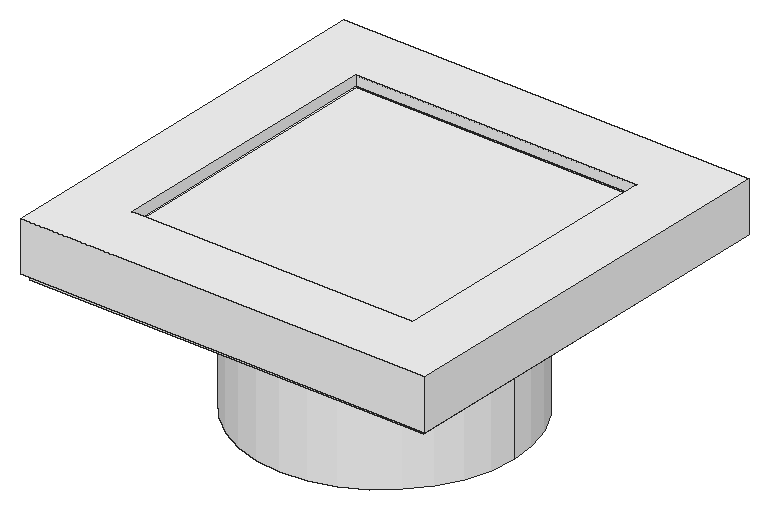
Revit family "Gira_228228", category Electrical Fixtures, host Face, Revit 2017
Family settings
  Host = Face
  Maintain Annotation Orientation = Yes
  Round Connector Dimension = Use Diameter
  Part Type = Normal
  Cut with Voids When Loaded = No
  Shared = No
  Room Calculation Point = No
Parameters (values of type "Lautsprecher UP-Radio RDS System 55 Anthrazit")
  Zusammenstellung = "Basiselement mit Gehäuse-Oberteil"
  White [instance] = White
  Werkstoffgüte = "sonstige"
  Werkstoff = "sonstige"
  URL = "http://katalog.gira.de/de_DE/datenblatt.html?artikelnr=228228"
  Region = "DE"
  Oberfläche = "sonstige"
  Name = "Lautsprecher UP-Radio RDS System 55 Anthrazit"
  Montageart = "unter Putz"
  Model = "Sys55_Komplettgerät_Schalten und Tasten"
  Manufacturer URL = "https://www.gira.de/"
  HeinzeBIM = "https://bimportal.heinze.de/bim/lautsprecher-up-radio-rds-system-55-anthrazit/cc8c72de72567c5c413a5b362e8890feb647162b"
  Halogenfrei = "No"
  HAN = "228228"
  GTIN = "4010337076261"
  Farbe = "anthrazit"
  Default Elevation = 1219.2 mm
  Data sheet (1) = "https://katalog.gira.de/de_DE/download.html?artikelnr=228228"
  Category = "Elektronik-Gerät für Installationsschalterprogramme"
  Befestigungsart = "Krallen-/Schraubbefestigung"
  Available = "Yes"
  Ausführung der Oberfläche = "glänzend"
  Ausführung = "Radio (*en-EN)"
Reference planes
  plane 1 "Center (Front/Back)": y = 0
  plane 2: z = 0
  plane 3 "Center (Left/Right)": x = 0
Forms (mm)
  Extrusion 1, solid, material "White" <- "White", detail levels medium
    sketch origin (0, 0, 0) x (1, 0, 0) y (0, 1, 0)
      loop
        line (-40.4, 40.4) -> (-40.4, -40.4) -> (40.4, -40.4) -> (40.4, 40.4) -> (-40.4, 40.4)
      loop
        line (-28, 28) -> (-28, -28) -> (28, -28) -> (28, 28) -> (-28, 28)
    from 0 to 10
  Extrusion 2, solid, material "White" <- "White", detail levels fine
    sketch origin (0, 0, 0) x (1, 0, 0) y (0, 1, 0)
      loop
        line (-40.4, 40.4) -> (-40.4, -40.4) -> (40.4, -40.4) -> (40.4, 40.4) -> (-40.4, 40.4)
      loop
        line (-28, 28) -> (-28, -28) -> (28, -28) -> (28, 28) -> (-28, 28)
    from 0 to 10
  Extrusion 3, void
    sketch origin (0, 0, 0) x (1, 0, 0) y (0, 1, 0)
      loop
        line (-38.4, 38.4) -> (-38.4, -38.4) -> (38.4, -38.4) -> (38.4, 38.4) -> (-38.4, 38.4)
    from 0 to 8
  Extrusion 4, solid, material "White" <- "White", detail levels medium+fine
    sketch origin (0, 0, 0) x (1, 0, 0) y (0, 1, 0)
      loop
        line (-39.4, 39.4) -> (-39.4, -39.4) -> (39.4, -39.4) -> (39.4, 39.4) -> (-39.4, 39.4)
    from 0 to -1
  Extrusion 5, solid, material "White" <- "White", detail levels medium+fine
    sketch origin (0, 0, 0) x (1, 0, 0) y (0, 1, 0)
      loop
        line (-35.5, 35.5) -> (-35.5, -35.5) -> (35.5, -35.5) -> (35.5, 35.5) -> (-35.5, 35.5)
    from -2 to -3
  Extrusion 6, solid, material "White" <- "White", detail levels medium+fine
    sketch origin (0, 0, 0) x (1, 0, 0) y (0, 1, 0)
      loop
        circle (0, 0) r 26
    from 0 to -27.5
  Extrusion 7, solid, material "White" <- "White", detail levels coarse
    sketch origin (0, 0, 0) x (1, 0, 0) y (0, 1, 0)
      loop
        line (-40.4, 40.4) -> (-40.4, -40.4) -> (40.4, -40.4) -> (40.4, 40.4) -> (-40.4, 40.4)
    from -27.5 to 10
Cuts and joins
  Extrusion 3 cuts Extrusion 2
Dimensions and locks
  aligned and locked: plane 2 to host face
  aligned and locked: level to host face
  aligned and locked: plane 3 "Center (Left/Right)" to nested 2
  aligned and locked: plane 1 "Center (Front/Back)" to nested 2
Nested families
  nested 1: "Sys55_Abdeckung_Schalten und Tasten_floor_base" at (0, 0, 0), type "Sys55_Abdeckung_Schalten und Tasten_floor_base"
  nested 2: "Schalter" at (0, 0, 0), type "Schalter"
Connectors
  electrical at (0, 0, -27.5)
    settings: on Extrusion 6, index 1, voltage 220 V, apparent load 0 VA, apparent load phase1 0 VA, apparent load phase2 0 VA, apparent load phase3 0 VA, power factor 1, load classification "Other", number of poles 1, system type 30, power factor state 1, is connector primary yes, connector utility no, sub classification motor no, connector description ""
Definition of nested family "Sys55_Abdeckung_Schalten und Tasten_floor_base"
  Parameters
    Default Elevation = 1219.2 mm
    White [instance] = none
  Reference planes
    plane 1 "Center (Front/Back)": y = 0
    plane 2: z = 0
    plane 3 "Center (Left/Right)": x = 0
  Forms (mm)
    Extrusion 1, solid
      sketch origin (0, 0, 0) x (1, 0, 0) y (0, 1, 0)
        loop
          line (-1219.2, 1219.2) -> (-1219.2, -1219.2) -> (1219.2, -1219.2) -> (1219.2, 1219.2) -> (-1219.2, 1219.2)
      from 0 to -304.8
    Extrusion 2, solid, material <- "White", detail levels fine
      sketch origin (0, 0, 0) x (1, 0, 0) y (0, 1, 0)
        loop
          line (-27.5, 27.5) -> (-27.5, -27.5) -> (27.5, -27.5) -> (27.5, 27.5) -> (-27.5, 27.5)
      from 0 to 8
    Extrusion 3, void
      sketch origin (0, 0, 0) x (1, 0, 0) y (0, 1, 0)
        loop
          line (26, 26) -> (-26, 26) -> (-26, -26) -> (26, -26) -> (26, 26)
      from 0 to 6
    Extrusion 4, solid, material <- "White", detail levels medium
      sketch origin (0, 0, 0) x (1, 0, 0) y (0, 1, 0)
        loop
          line (-27.5, 27.5) -> (-27.5, -27.5) -> (27.5, -27.5) -> (27.5, 27.5) -> (-27.5, 27.5)
      from 0 to 8
    Extrusion 5, solid, material <- "White", detail levels medium
      sketch origin (0, 0, 0) x (1, 0, 0) y (0, 1, 0)
        loop
          line (11, -17.5) -> (11, 17.5) -> (-11, 17.5) -> (-11, -17.5) -> (11, -17.5)
      from -6 to 6
    Extrusion 6, solid, material <- "White", detail levels fine
      sketch origin (0, 0, 0) x (1, 0, 0) y (0, 1, 0)
        loop
          line (11, 17.5) -> (-11, 17.5) -> (-11, 16.5) -> (11, 16.5) -> (11, 17.5)
        loop
          line (-11, -16.5) -> (-11, -17.5) -> (11, -17.5) -> (11, -16.5) -> (-11, -16.5)
      from -4 to 6
    Extrusion 7, solid, material <- "White", detail levels fine
      sketch origin (0, 0, 0) x (1, 0, 0) y (0, 1, 0)
        loop
          arc (5, 9.347) -> (0, 10.6) -> (-5, 9.347) r 10.6
          line (-5, 9.347) -> (-5, -9.347)
          arc (-5, -9.347) -> (0, -10.6) -> (5, -9.347) r 10.6
          line (5, -9.347) -> (5, 9.347)
      from -6 to 6
    Extrusion 8, solid, material <- "White", detail levels coarse
      sketch origin (0, 0, 0) x (1, 0, 0) y (0, 1, 0)
        loop
          line (-27.5, 27.5) -> (-27.5, -27.5) -> (27.5, -27.5) -> (27.5, 27.5) -> (-27.5, 27.5)
      from -6 to 8
  Cuts and joins
    Extrusion 3 cuts Extrusion 2
  Dimensions and locks
    aligned and locked: plane 2 to Extrusion 1
    aligned and locked: level to Extrusion 1
Definition of nested family "Schalter"
  Reference planes
    plane 1: y = 0
    plane 2: x = 0
  Lines and regions (mm)
    detail lines
      curve 1: circle (1.375, 2.778, 0) r 0.8 normal (0, 0, 1)
      curve 2: line (1.021, 2.061, 0) -> (0, 0, 0)
      curve 3: line (0, 0, 0) -> (-0.538, 0.266, 0)
  Dimensions and locks
    curve 2 to curve 2 = 2.3 mm
    curve 3 to curve 2 = 0.6 mm
    radius of curve 1 = 0.8 mm
